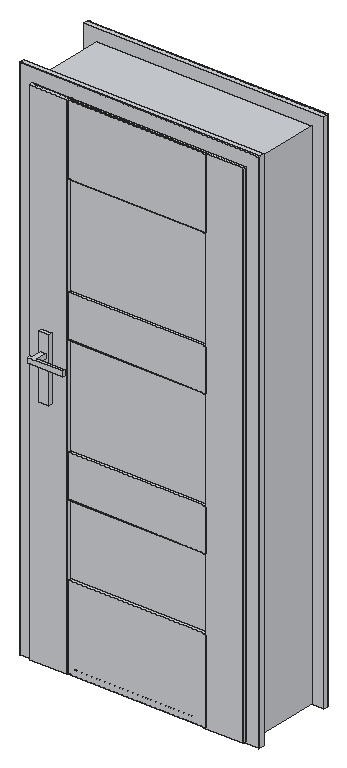
Revit family "porta_koncept_K0_osc_ps", category Drzwi, Revit 2016
Family settings
  Obiekt nadrzędny = Ściana
  Zawsze pionowo = Tak
  Tnij formami wycięć po wczytaniu = Nie
  Współdzielony = Nie
  Punkt obliczania pomieszczeń = Nie
Parameters (values of type "PN 80")
  Zakres szerokości muru [instance] = if(and(Grubość ściany > 94 mm, Grubość ściany < 120 mm), "B", (if(and(Grubość ściany > 119 mm, Grubość ściany < 140 mm), "C", (if(and(Grubość ściany > 139 mm, Grubość ściany < 160 mm), "D", (if(and(Grubość ściany > 159 mm, Grubość ściany < 180 mm), "E", (if(and(Grubość ściany > 179 mm, Grubość ściany < 200 mm), "F", (if(and(Grubość ściany > 199 mm, Grubość ściany < 220 mm), "G", (if(and(Grubość ściany > 219 mm, Grubość ściany < 240 mm), "H", (if(and(Grubość ściany > 239 mm, Grubość ściany < 260 mm), "I", (if(and(Grubość ściany > 259 mm, Grubość ściany < 280 mm), "J", (if(and(Grubość ściany > 279 mm, Grubość ściany < 301 mm), "K", "BRAK")))))))))))))))))))  # "K"
  Wysokość brutto = 2060 mm
  Szerokość brutto = 880 mm
  Model = "Koncept K0"
  Konstrukcja analityczna = "<Brak>"
  Grubość ściany [instance] = 300 mm
  Funkcja = Wewnętrzna
  URL = "www.porta.com.pl"
  Ss = 844 mm
  Sb = 846 mm
  Producent = "PORTA KMI POLAND"
  Keynote = ""
  Description = ""
  Wysokość = 2016 mm
  Zakończenie ściany = Wg obiektu nadrzędnego
  Szerokość = 800 mm
  Materiał_skrzydło [instance] = none
  Materiał_ościeżnica [instance] = none
  Materiał_klamka [instance] = none
  Informacja = "Własność Porta KMI Poland, wszelkie prawa zastrzeżone."  # constant formula
  Hs = 2030 mm
Types (6, lengths in mm): name | Szerokość brutto | Ss | Sb | Description | Szerokość
  PN 70 | 780 | 744 | 746 | "Biblioteki CAD produktów firmy PORTA KMI POLAND wraz z ich wizualizacjami są chronione prawami własności przemysłowej i intelektualnej. Można je wykorzystywać do handlowych celów osobistych poprzez zastosowanie w projektach, jednak nie wolno ich powielać, modyfikować, licencjonować ani publikować, w całości ani w części, chyba że celem przeglądania, bez uprzedniej pisemnej zgody PORTA KMI Poland. www.porta.com.pl" | 700
  PN 60 | 680 | 644 | 646 | "Biblioteki CAD produktów firmy PORTA KMI POLAND wraz z ich wizualizacjami są chronione prawami własności przemysłowej i intelektualnej. Można je wykorzystywać do handlowych celów osobistych poprzez zastosowanie w projektach, jednak nie wolno ich powielać, modyfikować, licencjonować ani publikować, w całości ani w części, chyba że celem przeglądania, bez uprzedniej pisemnej zgody PORTA KMI Poland. www.porta.com.pl" | 600
  PN 80 | 880 | 844 | 846 | "" | 800
  PN 90 | 980 | 944 | 946 | "Biblioteki CAD produktów firmy PORTA KMI POLAND wraz z ich wizualizacjami są chronione prawami własności przemysłowej i intelektualnej. Można je wykorzystywać do handlowych celów osobistych poprzez zastosowanie w projektach, jednak nie wolno ich powielać, modyfikować, licencjonować ani publikować, w całości ani w części, chyba że celem przeglądania, bez uprzedniej pisemnej zgody PORTA KMI Poland. www.porta.com.pl" | 900
  PN 100 | 1080 | 1044 | 1046 | "Biblioteki CAD produktów firmy PORTA KMI POLAND wraz z ich wizualizacjami są chronione prawami własności przemysłowej i intelektualnej. Można je wykorzystywać do handlowych celów osobistych poprzez zastosowanie w projektach, jednak nie wolno ich powielać, modyfikować, licencjonować ani publikować, w całości ani w części, chyba że celem przeglądania, bez uprzedniej pisemnej zgody PORTA KMI Poland. www.porta.com.pl" | 1000
  PN 110 | 1180 | 1144 | 1146 | "Biblioteki CAD produktów firmy PORTA KMI POLAND wraz z ich wizualizacjami są chronione prawami własności przemysłowej i intelektualnej. Można je wykorzystywać do handlowych celów osobistych poprzez zastosowanie w projektach, jednak nie wolno ich powielać, modyfikować, licencjonować ani publikować, w całości ani w części, chyba że celem przeglądania, bez uprzedniej pisemnej zgody PORTA KMI Poland. www.porta.com.pl" | 1100
Reference planes
  plane 1: y = 0
  plane 2 "Środek (Lewa/Prawa)": x = 0
  plane 3 "Lewy": x = -440
  plane 4 "Prawy": x = 440
  plane 5: z = 2060
  plane 6 "Zewnętrzna": y = 150
  plane 7 "Wewnętrzna": y = -150
  plane 8 "skrzydło": y = -144.5
Forms (mm)
  Sweep 1, solid, material <- "Materiał_ościeżnica"
    path in 3D
      loop
        line (-440, -150, 0) -> (-440, -150, 2060) -> (440, -150, 2060) -> (440, -150, 0)
    profile origin (-440, -150, 1030) x (0, -1, 0) y (1, 0, 0)
      loop
        line (-10, 39) -> (-72, 39) -> (-72, 17) -> (0, 17) -> (0, -33) -> (16, -33)
        arc (16, -33) -> (18.121, -32.121) -> (19, -30) r 3
        line (19, -30) -> (19, 24)
        arc (19, 24) -> (18.121, 26.121) -> (16, 27) r 3
        line (16, 27) -> (-10, 27) -> (-10, 39)
  Sweep 2, solid, material <- "Materiał_ościeżnica"
    path in 3D
      loop
        line (440, 150, 0) -> (440, 150, 2060) -> (-440, 150, 2060) -> (-440, 150, 0)
    profile origin (-440, 150, 1030) x (1, 0, 0) y (0, 1, 0)
      loop
        line (-33, 0) -> (17, 0) -> (17, -228) -> (39, -228) -> (39, -1)
        arc (39, -1) -> (37.536, 2.536) -> (34, 4) r 5
        line (34, 4) -> (25, 4) -> (25, 16)
        arc (25, 16) -> (24.121, 18.121) -> (22, 19) r 3
        line (22, 19) -> (-30, 19)
        arc (-30, 19) -> (-32.121, 18.121) -> (-33, 16) r 3
        line (-33, 16) -> (-33, 0)
  Sweep 3, solid, not visible
    path in 3D
      loop
        line (-440, -150, 0) -> (-440, -150, 2060)
    profile origin (-440, -150, 1030) x (0, -1, 0) y (1, 0, 0)
      loop
        line (-151, 17) -> (-149, 17) -> (-149, 19) -> (-151, 19) -> (-151, 17)
Cuts and joins
  joined: Sweep 1, Sweep 2
Lines and regions (mm)
  Opening 1
    outline origin (-3050, -150, 0) x (1, 0, 0) y (0, 0, 1)
      loop
        line (2610, 0) -> (3490, 0) -> (3490, 2060) -> (2610, 2060) -> (2610, 0)
  sketch lines
    curve 1: line (-440, -150, 0) -> (-440, -150, 2060)
    curve 2: line (-440, -150, 2060) -> (440, -150, 2060)
    curve 3: line (440, -150, 2060) -> (440, -150, 0)
    curve 4: line (-440, 150, 2060) -> (-440, 150, 0)
    curve 5: line (440, 150, 2060) -> (-440, 150, 2060)
    curve 6: line (440, 150, 0) -> (440, 150, 2060)
    curve 12: line (-440, -150, 0) -> (-440, -150, 2060)
  symbolic lines, style "DoorsPanelProjection"
    curve 7: line (422, -150, 0) -> (422, -994, 0)
    curve 8: line (422, -994, 0) -> (382, -994, 0)
    curve 9: line (382, -994, 0) -> (382, -150, 0)
    curve 10: line (382, -150, 0) -> (422, -150, 0)
  symbolic lines, style "Ugięcie rzutu"
    curve 11: arc (-422, -150, 0) -> (-174.798, -746.798, 0) -> (422, -994, 0) r 844
Text (mm)
  text "Zewnętrzna" at (-2295.016, 1099.543, 0), in view "Poziom odniesienia"
  text "Zewnętrzna" at (0, 1615.38, 3698.081), in view "Lewy"
  text "Zewnętrzna" at (0, 1036.032, 3874.932), in view "Prawy"
Dimensions and locks
  equal spacing: plane 3 "Lewy", plane 2 "Środek (Lewa/Prawa)", plane 4 "Prawy"
  "Szerokość brutto": plane 3 "Lewy" to plane 4 "Prawy"
  "Wysokość brutto": plane 5 to host wall
  host wall to plane 5 = 2060 mm  (x2)
  locked: plane 6 "Zewnętrzna" to host wall at 0
  locked: plane 7 "Wewnętrzna" to host wall
  "Sb": Sweep 1 to Sweep 1
  locked: Sweep 1 sketch curve to Sweep 1 sketch curve at 22
  Sweep 1 sketch curve to Sweep 1 sketch curve = 50 mm
  locked: Sweep 1 sketch curve to profile plane at 72
  locked: Sweep 2 sketch curve to Sweep 2 sketch curve at 50
  locked: Sweep 2 sketch curve to Sweep 2 sketch curve at 22
  locked: Sweep 2 sketch curve to plane 6 "Zewnętrzna" at 1
  locked: curve 9 to curve 7 at 40
  "Ss": curve 8 to curve 10
  equal spacing: curve 11, plane 2 "Środek (Lewa/Prawa)", curve 7
  locked: plane 7 "Wewnętrzna" to plane 8 "skrzydło" at 5.5
  locked: host wall to Sweep 3 sketch curve at 1
  locked: Sweep 3 sketch curve to host wall at 1
  locked: Sweep 3 sketch curve to plane 6 "Zewnętrzna" at 151
  locked: plane 7 "Wewnętrzna" to Sweep 3 sketch curve at 151
  equal spacing: nested 1, plane 2 "Środek (Lewa/Prawa)", nested 1
  locked: nested 1 to level at 8
  "Grubość ściany": host wall to host wall
  aligned and locked: plane 3 "Lewy" to Opening 1 sketch curve
  aligned and locked: plane 5 to Opening 1 sketch curve  (x2)
  aligned and locked: Opening 1 sketch curve to plane 4 "Prawy"
  aligned and locked: Opening 1 sketch curve to level
  aligned and locked: plane 1 to host wall
  aligned and locked: Sweep 1 to Sweep 2 sketch curve
  aligned and locked: plane 7 "Wewnętrzna" to curve 10
  aligned and locked: Sweep 3 sketch curve to cut or joined group of Sweep 1, Sweep 2
  aligned and locked: Sweep 2 sketch curve to cut or joined group of Sweep 1, Sweep 2
  aligned and locked: nested 1 to plane 8 "skrzydło"
Automatic sketch dimensions
  profile plane to Sweep 1 sketch curve = 10 mm
  Sweep 1 sketch curve to profile plane = 16 mm  (x2)
  Sweep 1 sketch curve to Sweep 1 sketch curve = 3 mm
  profile plane to Sweep 1 sketch curve = 17 mm
  Sweep 1 sketch curve to Sweep 1 sketch curve = 7 mm
  Sweep 1 sketch curve to profile plane = 0 mm
  Sweep 2 sketch curve to profile plane = 0 mm
  Sweep 2 sketch curve to profile plane = 16 mm
  Sweep 2 sketch curve to Sweep 2 sketch curve = 3 mm
  Sweep 2 sketch curve to Sweep 2 sketch curve = 5 mm
  Sweep 2 sketch curve to profile plane = 4 mm
  Sweep 2 sketch curve to Sweep 2 sketch curve = 8 mm
  curve 11 to host wall = 0 mm
  Sweep 3 sketch curve to Sweep 3 sketch curve = 2 mm
Nested families
  nested 1: "skrzydło" at (0, -151, 0), Materiał_klamka <- "Materiał_klamka", Materiał_skrzydło <- "Materiał_skrzydło", type "skrzydło"
    with Materiał_skrzydło none, Materiał_klamka none
Definition of nested family "skrzydło"
  Parameters
    Ss = 844 mm
    Materiał_skrzydło [instance] = none
    Materiał_klamka [instance] = none
    Hs = 2030 mm
  Reference planes
    plane 1 "Tył": y = 6.5
    plane 2: z = 0
    plane 3 "Środek (Lewa/Prawa)": x = 0
    plane 4 "Lewa": x = -422
    plane 5 "Prawa": x = 422
    plane 6 "Przód": y = -33.5
    plane 7: z = 2038
    plane 8 "Centrum": y = -13.5
    plane 9: x = -409
    plane 10: z = 8
    plane 11: x = 409
    plane 12: x = -272
    plane 13: x = 272
    plane 14: z = 2025
  Forms (mm)
    Extrusion 1, solid, material <- "Materiał_skrzydło"
      sketch origin (-1191.728, -1524, 8) x (-1, 0, 0) y (0, -1, 0)
        loop
          line (-1465.378, -1490.5) -> (-1612.078, -1490.5)
          arc (-1612.078, -1490.5) -> (-1613.244, -1490.983) -> (-1613.728, -1492.15) r 1.65
          line (-1613.728, -1492.15) -> (-1613.728, -1501.85)
          arc (-1613.728, -1501.85) -> (-1613.244, -1503.017) -> (-1612.078, -1503.5) r 1.65
          line (-1612.078, -1503.5) -> (-1602.078, -1503.5)
          arc (-1602.078, -1503.5) -> (-1601.123, -1503.895) -> (-1600.728, -1504.85) r 1.35
          line (-1600.728, -1504.85) -> (-1600.728, -1528.85)
          arc (-1600.728, -1528.85) -> (-1600.244, -1530.017) -> (-1599.078, -1530.5) r 1.65
          line (-1599.078, -1530.5) -> (-1465.378, -1530.5)
          arc (-1465.378, -1530.5) -> (-1464.211, -1530.017) -> (-1463.728, -1528.85) r 1.65
          line (-1463.728, -1528.85) -> (-1463.728, -1492.15)
          arc (-1463.728, -1492.15) -> (-1464.211, -1490.983) -> (-1465.378, -1490.5) r 1.65
      from 0 to 2030
    Extrusion 2, void
      sketch origin (0, 0, 0) x (0, -1, 0) y (0, 0, 1)
        loop
          line (-6.5, 2025) -> (20.5, 2025) -> (20.5, 2038) -> (-6.5, 2038) -> (-6.5, 2025)
      from -422 to 422
    Extrusion 3, solid, material <- "Materiał_skrzydło"
      sketch origin (0, 0, 0) x (0, 1, 0) y (0, 0, 1)
        loop
          line (4, 1756.65) -> (4, 2023.35)
          arc (4, 2023.35) -> (3.517, 2024.517) -> (2.35, 2025) r 1.65
          line (2.35, 2025) -> (-19.15, 2025)
          arc (-19.15, 2025) -> (-20.105, 2025.395) -> (-20.5, 2026.35) r 1.35
          line (-20.5, 2026.35) -> (-20.5, 2036.35)
          arc (-20.5, 2036.35) -> (-20.983, 2037.517) -> (-22.15, 2038) r 1.65
          line (-22.15, 2038) -> (-29.35, 2038)
          arc (-29.35, 2038) -> (-30.517, 2037.517) -> (-31, 2036.35) r 1.65
          line (-31, 2036.35) -> (-31, 1756.65)
          arc (-31, 1756.65) -> (-30.517, 1755.483) -> (-29.35, 1755) r 1.65
          line (-29.35, 1755) -> (2.35, 1755)
          arc (2.35, 1755) -> (3.517, 1755.483) -> (4, 1756.65) r 1.65
        loop
          line (2.35, 341) -> (-29.35, 341)
          arc (-29.35, 341) -> (-30.517, 340.517) -> (-31, 339.35) r 1.65
          line (-31, 339.35) -> (-31, 9.65)
          arc (-31, 9.65) -> (-30.517, 8.483) -> (-29.35, 8) r 1.65
          line (-29.35, 8) -> (-25, 8)
          arc (-25, 8) -> (-23.833, 8.483) -> (-23.35, 9.65) r 1.65
          arc (-23.35, 9.65) -> (-22.955, 10.605) -> (-22, 11) r 1.35
          line (-22, 11) -> (-5, 11)
          arc (-5, 11) -> (-4.045, 10.605) -> (-3.65, 9.65) r 1.35
          arc (-3.65, 9.65) -> (-3.167, 8.483) -> (-2, 8) r 1.65
          line (-2, 8) -> (2.35, 8)
          arc (2.35, 8) -> (3.517, 8.483) -> (4, 9.65) r 1.65
          line (4, 9.65) -> (4, 339.35)
          arc (4, 339.35) -> (3.517, 340.517) -> (2.35, 341) r 1.65
        loop
          line (2.35, 793) -> (-29.35, 793)
          arc (-29.35, 793) -> (-30.517, 792.517) -> (-31, 791.35) r 1.65
          line (-31, 791.35) -> (-31, 624.65)
          arc (-31, 624.65) -> (-30.517, 623.483) -> (-29.35, 623) r 1.65
          line (-29.35, 623) -> (2.35, 623)
          arc (2.35, 623) -> (3.517, 623.483) -> (4, 624.65) r 1.65
          line (4, 624.65) -> (4, 791.35)
          arc (4, 791.35) -> (3.517, 792.517) -> (2.35, 793) r 1.65
        loop
          line (2.35, 1358) -> (-29.35, 1358)
          arc (-29.35, 1358) -> (-30.517, 1357.517) -> (-31, 1356.35) r 1.65
          line (-31, 1356.35) -> (-31, 1189.65)
          arc (-31, 1189.65) -> (-30.517, 1188.483) -> (-29.35, 1188) r 1.65
          line (-29.35, 1188) -> (2.35, 1188)
          arc (2.35, 1188) -> (3.517, 1188.483) -> (4, 1189.65) r 1.65
          line (4, 1189.65) -> (4, 1356.35)
          arc (4, 1356.35) -> (3.517, 1357.517) -> (2.35, 1358) r 1.65
      from -272 to 272
    Extrusion 4, solid, material <- "Materiał_skrzydło"
      sketch origin (-892.016, -13.5, 1200) x (-1, 0, 0) y (0, 0, 1)
        loop
          line (-620.016, -859) -> (-620.016, 555) -> (-1164.016, 555) -> (-1164.016, -859) -> (-620.016, -859)
      from -6 to 6
    Extrusion 5, solid, material <- "Materiał_skrzydło"
      sketch origin (-1191.728, -1524, 8) x (-1, 0, 0) y (0, -1, 0)
        loop
          arc (-918.078, -1490.5) -> (-919.244, -1490.983) -> (-919.728, -1492.15) r 1.65
          line (-919.728, -1492.15) -> (-919.728, -1528.85)
          arc (-919.728, -1528.85) -> (-919.244, -1530.017) -> (-918.078, -1530.5) r 1.65
          line (-918.078, -1530.5) -> (-784.378, -1530.5)
          arc (-784.378, -1530.5) -> (-783.211, -1530.017) -> (-782.728, -1528.85) r 1.65
          line (-782.728, -1528.85) -> (-782.728, -1504.85)
          arc (-782.728, -1504.85) -> (-782.332, -1503.895) -> (-781.378, -1503.5) r 1.35
          line (-781.378, -1503.5) -> (-771.378, -1503.5)
          arc (-771.378, -1503.5) -> (-770.211, -1503.017) -> (-769.728, -1501.85) r 1.65
          line (-769.728, -1501.85) -> (-769.728, -1492.15)
          arc (-769.728, -1492.15) -> (-770.211, -1490.983) -> (-771.378, -1490.5) r 1.65
          line (-771.378, -1490.5) -> (-918.078, -1490.5)
      from 0 to 2030
  Cuts and joins
    Extrusion 2 cuts Extrusion 1
    Extrusion 2 cuts Extrusion 5
  Dimensions and locks
    equal spacing: plane 4 "Lewa", plane 3 "Środek (Lewa/Prawa)", plane 5 "Prawa"
    "Ss": plane 4 "Lewa" to plane 5 "Prawa"
    locked: plane 4 "Lewa" to plane 9 at 13
    locked: plane 10 to level at 8
    "Hs": plane 7 to plane 10
    locked: plane 5 "Prawa" to plane 11 at 13
    locked: plane 9 to nested 1 at 35
    locked: nested 1 to plane 10 at 934
    locked: plane 10 to nested 2 at 934
    equal spacing: plane 6 "Przód", plane 8 "Centrum", plane 1 "Tył"
    locked: plane 7 to plane 14 at 13
    locked: plane 12 to plane 4 "Lewa" at 150
    locked: plane 5 "Prawa" to plane 13 at 150
    locked: plane 1 "Tył" to Extrusion 2 sketch curve at 27
    aligned and locked: nested 1 to plane 6 "Przód"
    aligned and locked: plane 5 "Prawa" to Extrusion 1 sketch curve
    aligned and locked: Extrusion 1 sketch curve to plane 11
    aligned and locked: Extrusion 1 sketch curve to plane 1 "Tył"
    aligned and locked: Extrusion 1 sketch curve to plane 6 "Przód"
    aligned and locked: Extrusion 1 sketch curve to plane 13
    aligned and locked: plane 7 to Extrusion 1
    aligned and locked: Extrusion 2 sketch curve to plane 14
    aligned and locked: Extrusion 2 sketch curve to plane 1 "Tył"
    aligned and locked: plane 7 to Extrusion 2 sketch curve
    aligned and locked: Extrusion 2 to plane 4 "Lewa"
    aligned and locked: plane 5 "Prawa" to Extrusion 2
    aligned and locked: Extrusion 3 to plane 12
    aligned and locked: plane 13 to Extrusion 3
    aligned and locked: Extrusion 3 to Extrusion 4 sketch curve  (x2)
    aligned and locked: plane 4 "Lewa" to Extrusion 5 sketch curve
    aligned and locked: Extrusion 5 sketch curve to plane 12
    aligned and locked: plane 7 to Extrusion 5
    aligned and locked: nested 2 to nested 1
  Automatic sketch dimensions
    Extrusion 1 sketch curve to Extrusion 1 sketch curve = 1.65 mm  (x4)
    Extrusion 1 sketch curve to Extrusion 1 sketch curve = 1.35 mm
    Extrusion 1 sketch curve to Extrusion 1 sketch curve = 10 mm
    plane 1 "Tył" to Extrusion 1 sketch curve = 25.65 mm
    Extrusion 5 sketch curve to Extrusion 5 sketch curve = 1.65 mm  (x4)
    Extrusion 5 sketch curve to Extrusion 5 sketch curve = 1.35 mm
    Extrusion 5 sketch curve to Extrusion 5 sketch curve = 10 mm
    Extrusion 5 sketch curve to Extrusion 5 sketch curve = 0 mm
    plane 6 "Przód" to Extrusion 5 sketch curve = 40 mm
    Extrusion 5 sketch curve to Extrusion 5 sketch curve = 24 mm
    Extrusion 5 sketch curve to Extrusion 5 sketch curve = 9.7 mm
    plane 10 to Extrusion 4 sketch curve = 333 mm
    Extrusion 4 sketch curve to plane 14 = 270 mm
    Extrusion 3 sketch curve to plane 7 = 0 mm
    Extrusion 3 sketch curve to plane 10 = 0 mm  (x2)
    Extrusion 3 sketch curve to plane 14 = 0 mm
    plane 6 "Przód" to Extrusion 3 sketch curve = 2.5 mm  (x4)
    plane 10 to Extrusion 3 sketch curve = 1.65 mm  (x4)
    Extrusion 3 sketch curve to Extrusion 3 sketch curve = 1.65 mm  (x11)
    Extrusion 3 sketch curve to Extrusion 3 sketch curve = 4.35 mm
    Extrusion 3 sketch curve to Extrusion 3 sketch curve = 0 mm  (x2)
    Extrusion 3 sketch curve to plane 7 = 1.65 mm
    Extrusion 3 sketch curve to Extrusion 3 sketch curve = 7.2 mm
    Extrusion 3 sketch curve to Extrusion 3 sketch curve = 1.35 mm  (x2)
    plane 8 "Centrum" to Extrusion 3 sketch curve = 8.5 mm
    plane 1 "Tył" to Extrusion 3 sketch curve = 4.15 mm  (x7)
    Extrusion 3 sketch curve to Extrusion 3 sketch curve = 328.35 mm
    Extrusion 3 sketch curve to Extrusion 3 sketch curve = 282 mm
    Extrusion 3 sketch curve to Extrusion 3 sketch curve = 166.7 mm  (x2)
    Extrusion 3 sketch curve to Extrusion 3 sketch curve = 395 mm
    Extrusion 3 sketch curve to Extrusion 3 sketch curve = 268.35 mm
  Nested families
    nested 1: "KLAMKA" at (-354, -33.5, 1067), Materiał klamki <- "Materiał_klamka", type "KLAMKA"
      with Materiał klamki none
    nested 2: "KLAMKA" at (-354, 6.5, 1067), Materiał klamki <- "Materiał_klamka", type "KLAMKA"
      with Materiał klamki none
  Definition of nested family "KLAMKA"
    Parameters
      Materiał klamki [instance] = none
      Assembly Code = ""
      Default Elevation = 1219.2 mm
    Reference planes
      plane 1 "Center (Front/Back)": y = 0
      plane 2: z = 0
      plane 3 "Center (Left/Right)": x = 0
      plane 4: z = 125
      plane 5: z = -125
      plane 6: x = 20
      plane 7: x = -20
      plane 8: y = -70
      plane 9: y = -60
      plane 10: x = 10
      plane 11: x = -10
      plane 12: x = 120
      plane 13: z = 35
      plane 14: z = 55
      plane 15: y = -15
    Forms (mm)
      Extrusion 1, solid, material <- "Materiał klamki"
        sketch origin (0, 0, 0) x (1, 0, 0) y (0, 0, 1)
          loop
            line (-20, 125) -> (-20, -125) -> (20, -125) -> (20, 125) -> (-20, 125)
        from 0 to 15
      Extrusion 2, solid, material <- "Materiał klamki"
        sketch origin (0, 0, 0) x (1, 0, 0) y (0, 1, 0)
          loop
            line (-10, -15) -> (-10, -60) -> (-20, -60) -> (-20, -70) -> (120, -70) -> (120, -60) -> (10, -60) -> (10, -15) -> (-10, -15)
        from 35 to 55
    Dimensions and locks
      equal spacing: plane 4, plane 2, plane 5
      plane 4 to plane 5 = 250 mm
      equal spacing: plane 7, plane 3 "Center (Left/Right)", plane 6
      plane 7 to plane 6 = 40 mm
      plane 8 to plane 1 "Center (Front/Back)" = 70 mm
      plane 11 to plane 3 "Center (Left/Right)" to plane 10 = 10 mm locked, 10 mm locked
      plane 7 to plane 12 = 140 mm
      plane 15 to plane 1 "Center (Front/Back)" = 15 mm
      aligned and locked: plane 7 to Extrusion 1 sketch curve
      aligned and locked: Extrusion 1 sketch curve to plane 4
      aligned and locked: plane 5 to Extrusion 1 sketch curve
      aligned and locked: Extrusion 1 sketch curve to plane 6
      aligned and locked: plane 15 to Extrusion 1
      aligned and locked: Extrusion 1 to plane 1 "Center (Front/Back)"
      aligned and locked: plane 14 to Extrusion 2
      aligned and locked: Extrusion 2 to plane 13
    Automatic sketch dimensions
      Extrusion 2 sketch curve to plane 7 = 0 mm
      Extrusion 2 sketch curve to plane 9 = 0 mm  (x2)
      Extrusion 2 sketch curve to plane 11 = 0 mm
      Extrusion 2 sketch curve to plane 10 = 0 mm
      Extrusion 2 sketch curve to plane 12 = 0 mm
      Extrusion 2 sketch curve to plane 8 = 0 mm
      Extrusion 2 sketch curve to plane 15 = 0 mm
